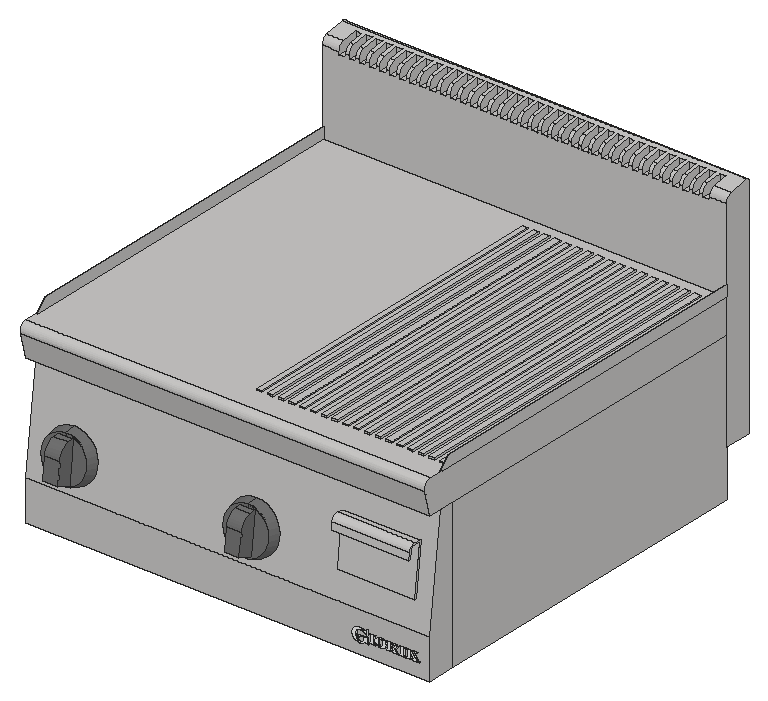
Revit family "QF_GIORIK_LGE6921", category Specialty Equipment, Revit 2014
Parameters (values of type "LGE6921")
  Weight in Pounds = 132.2772
  Watts = 7200 W
  Volts = 230 V
  URL Cutsheet = "www.giorik.com"
  URL = "www.giorik.com"
  Status [instance] = ""
  Specification by User [instance] = ""
  Specification by Manufacturer = ""
  Show Logo [instance] = yes
  Show Clearance [instance] = yes
  Serial Number = ""
  Seismic Rating = ""
  SMACNA No = ""
  Revision Code [instance] = ""
  Phase = 1
  Number of Poles [instance] = 1
  NAFEM Spec ID Number = ""
  Model = "LGE6921"
  Min Ckt Ampacity = 0 A
  Max Overcurrent Protection = 0 A
  Masterspec = ""
  Manufacturer = "GIORIK"
  Item Number [instance] = ""
  Installed By [instance] = ""
  Identify Quantity as Lot [instance] = no
  HP = "9.655344000000"
  Furnished By [instance] = ""
  Foodservice Equipment Identifier [instance] = yes
  FL Amps = 0 A
  Electrical Remarks [instance] = ""
  Electric Connection Type [instance] = ""
  Elec Conn RI Height [instance] = 0 mm
  Elec Conn Connection Height [instance] = 45 mm
  Description = "GRIDDLE SMOOTH RIBBED"
  Cycle = 50 Hz
  Conn Plug = ""
  CSI MasterFormat = ""
  Assembly Code = "E1090320"
  Apparent Power = 7200 VA
Reference planes
  plane 1 "Back": y = 0
  plane 2: z = 0
  plane 3 "Left": x = 0
  plane 4 "Right": x = 600
  plane 5 "Front": y = -600
  plane 6 "Top": z = 430
Forms (mm)
  Extrusion 1, solid
    sketch origin (0, 1000, -580) x (0, 1, 0) y (0, 0, 1)
      loop
        line (-1040.007, 869.975) -> (-1589.445, 869.975)
        arc (-1589.445, 869.975) -> (-1598.171, 865.672) -> (-1600.069, 856.13) r 10.999
        line (-1600.069, 856.13) -> (-1590.388, 820) -> (-1040.007, 820) -> (-1040.007, 869.975)
    from 0 to 600
  Extrusion 2, solid
    sketch origin (0, 0, -560) x (0, 1, 0) y (0, 0, 1)
      loop
        line (-570.06, 849.975) -> (-40.007, 849.975) -> (-40.007, 865.387) -> (-554.648, 865.387) -> (-570.06, 849.975)
    from 0 to 1.85
  Extrusion 3, solid
    sketch origin (0, 0, -560) x (0, 1, 0) y (0, 0, 1)
      loop
        line (-40.007, 800) -> (-550, 800) -> (-550, 580) -> (-40.007, 580) -> (-40.007, 800)
    from 0 to 600
  Extrusion 4, solid
    sketch origin (0, 0, -560) x (0, 1, 0) y (0, 0, 1)
      loop
        line (-550, 800) -> (-570.5, 800) -> (-590, 640) -> (-590, 580) -> (-550, 580) -> (-550, 800)
    from 0 to 600
  Revolve 5, solid
    sketch origin (75.155, 0.456, -560.03) x (0, 1, 0) y (0, 0, 1)
      loop
        line (-598.03, 706.389) -> (-594.27, 737.013) -> (-609.648, 734.852) -> (-613.772, 701.269) -> (-581.482, 697.305) -> (-580.629, 704.252) -> (-598.03, 706.389)
      axis (-581.482, 697.305) -> (-613.772, 701.269)
    angle from 0 to 360
  Extrusion 6, solid
    sketch origin (598.094, 0, -560) x (0, 1, 0) y (0, 0, 1)
      loop
        line (-570.06, 849.975) -> (-40.007, 849.975) -> (-40.007, 865.387) -> (-554.648, 865.387) -> (-570.06, 849.975)
    from -0.15 to 1.906
  Extrusion 7, solid
    sketch origin (0, 0, -560) x (0, 1, 0) y (0, 0, 1)
      loop
        line (-40.007, 974.217) -> (-40.007, 650.827) -> (0, 650.827) -> (0, 988.42)
        arc (0, 988.42) -> (-0.57, 989.648) -> (-1.878, 990) r 1.6
        line (-1.878, 990) -> (-31.072, 984.852)
        arc (-31.072, 984.852) -> (-37.477, 981.162) -> (-40.007, 974.217) r 10.797
    from 0 to 600
  Extrusion 8, solid
    sketch origin (-87.831, 0.456, -560.03) x (0, 1, 0) y (0, 0, 1)
      loop
        line (-635.843, 711.553) -> (-639.647, 680.575) -> (-617.415, 671.593) -> (-610.135, 730.882) -> (-617.934, 729.786)
        arc (-617.934, 729.786) -> (-629.982, 723.708) -> (-635.843, 711.553) r 20.998
    from 151.831 to 173.831
  Revolve 9, solid
    sketch origin (345.155, 0.456, -560.03) x (0, 1, 0) y (0, 0, 1)
      loop
        line (-598.03, 706.389) -> (-594.27, 737.013) -> (-609.648, 734.852) -> (-613.772, 701.269) -> (-581.482, 697.305) -> (-580.629, 704.252) -> (-598.03, 706.389)
      axis (-581.482, 697.305) -> (-613.772, 701.269)
    angle from 0 to 360
  Extrusion 10, solid
    sketch origin (182.169, 0.456, -560.03) x (0, 1, 0) y (0, 0, 1)
      loop
        line (-635.843, 711.553) -> (-639.647, 680.575) -> (-617.415, 671.593) -> (-610.135, 730.882) -> (-617.934, 729.786)
        arc (-617.934, 729.786) -> (-629.982, 723.708) -> (-635.843, 711.553) r 20.998
    from 151.831 to 173.831
  Extrusion 11, solid
    sketch origin (568.319, 0, -561) x (1, 0, 0) y (0, 0, 1)
      loop
        circle (-38.319, 606) r 12.5
    from 20.007 to 40.007
  Extrusion 12, solid, visible <- "Show Logo"
    sketch origin (391.604, -590.5, -6.113) x (-1, 0, 0) y (0, 0, 1)
      loop
        line (-118.824, 58.358) -> (-127.804, 58.358) -> (-125.523, 56.445) -> (-125.523, 48.027) -> (-127.804, 46.113) -> (-118.824, 46.113) -> (-121.105, 48.027) -> (-121.105, 56.445) -> (-118.824, 58.358)
      loop
        line (-163.721, 58.358) -> (-172.7, 58.358) -> (-170.42, 56.445) -> (-170.42, 48.027) -> (-172.7, 46.113) -> (-163.721, 46.113) -> (-166.001, 48.027) -> (-166.001, 56.445) -> (-163.721, 58.358)
      loop
        line (-174.332, 58.358) -> (-183.312, 58.358) -> (-181.031, 56.445) -> (-181.031, 52.435) -> (-186.419, 56.955) -> (-184.416, 58.358) -> (-191.268, 58.358) -> (-188.01, 56.839) -> (-185.455, 54.283) -> (-190.846, 47.858) -> (-193.396, 46.93) -> (-193.396, 46.113) -> (-184.416, 46.113) -> (-185.437, 47.571) -> (-182.443, 51.552) -> (-181.031, 50.894) -> (-181.031, 48.027) -> (-183.312, 46.113) -> (-174.332, 46.113) -> (-176.613, 48.027) -> (-176.613, 56.445) -> (-174.332, 58.358)
      loop
        line (-115.429, 62.063) -> (-115.429, 54.198)
        arc (-115.429, 54.198) -> (-111.618, 57.803) -> (-106.847, 59.986) r 16.039
        arc (-106.847, 59.986) -> (-103.314, 59.837) -> (-100.512, 57.68) r 5.851
        arc (-100.512, 57.68) -> (-98.815, 52.267) -> (-100.512, 46.853) r 9.479
        arc (-100.512, 46.853) -> (-102.406, 44.986) -> (-104.846, 43.93) r 7.236
        arc (-104.846, 43.93) -> (-107.728, 44.111) -> (-110.052, 45.825) r 5.11
        line (-110.052, 45.825) -> (-110.052, 52.001) -> (-116.141, 52.001) -> (-116.141, 45.503) -> (-117.893, 43.751) -> (-114.094, 44.769)
        arc (-114.094, 44.769) -> (-112.56, 44.947) -> (-111.129, 44.366) r 3.115
        arc (-111.129, 44.366) -> (-104.216, 42.091) -> (-97.303, 44.366) r 11.641
        arc (-97.303, 44.366) -> (-93.396, 52.107) -> (-97.303, 59.849) r 9.622
        arc (-97.303, 59.849) -> (-104.369, 62.174) -> (-111.435, 59.849) r 11.898
        line (-111.435, 59.849) -> (-115.429, 62.063)
      loop
        arc (-129.234, 56.068) -> (-135.893, 58.628) -> (-142.552, 56.068) r 9.941
        arc (-142.552, 56.068) -> (-144.234, 52.286) -> (-142.552, 48.505) r 5.093
        arc (-142.552, 48.505) -> (-135.893, 45.945) -> (-129.234, 48.505) r 9.941
        arc (-129.234, 48.505) -> (-127.552, 52.286) -> (-129.234, 56.068) r 5.093
      loop
        arc (-132.628, 54.403) -> (-135.893, 57.668) -> (-139.158, 54.403) r 3.265
        line (-139.158, 54.403) -> (-139.158, 50.169)
        arc (-139.158, 50.169) -> (-135.893, 46.904) -> (-132.628, 50.169) r 3.265
        line (-132.628, 50.169) -> (-132.628, 54.403)
      loop
        arc (-156.363, 58.365) -> (-159.647, 55.081) -> (-156.363, 51.796) r 3.285
        line (-156.363, 51.796) -> (-159.529, 47.306) -> (-162.087, 46.113) -> (-155.847, 46.113) -> (-153.529, 51.083) -> (-150.637, 51.083) -> (-150.637, 47.784) -> (-153.022, 46.113) -> (-144.011, 46.113) -> (-146.094, 47.68) -> (-146.094, 56.493) -> (-144.229, 58.365) -> (-156.363, 58.365)
      loop
        line (-150.637, 57.512) -> (-153.637, 57.512)
        arc (-153.637, 57.512) -> (-156.237, 54.912) -> (-153.637, 52.312) r 2.6
        line (-153.637, 52.312) -> (-150.637, 52.312) -> (-150.637, 57.512)
      loop
        line (-108.924, 52.001) -> (-104.936, 49.005) -> (-100.948, 52.001) -> (-108.924, 52.001)
    from 1.5 to -0.5
  Extrusion 13, void
    sketch origin (10, 0, 430) x (0, 1, 0) y (-1, 0, 0)
      loop
        line (-40.007, -25) -> (-9.931, -25) -> (-9.931, -15) -> (-40.007, -15) -> (-40.007, -25)
      loop
        line (-40.007, -40) -> (-9.931, -40) -> (-9.931, -30) -> (-40.007, -30) -> (-40.007, -40)
      loop
        line (-40.007, -55) -> (-9.931, -55) -> (-9.931, -45) -> (-40.007, -45) -> (-40.007, -55)
      loop
        line (-40.007, -70) -> (-9.931, -70) -> (-9.931, -60) -> (-40.007, -60) -> (-40.007, -70)
      loop
        line (-40.007, -85) -> (-9.931, -85) -> (-9.931, -75) -> (-40.007, -75) -> (-40.007, -85)
      loop
        line (-40.007, -100) -> (-9.931, -100) -> (-9.931, -90) -> (-40.007, -90) -> (-40.007, -100)
      loop
        line (-40.007, -115) -> (-9.931, -115) -> (-9.931, -105) -> (-40.007, -105) -> (-40.007, -115)
      loop
        line (-40.007, -130) -> (-9.931, -130) -> (-9.931, -120) -> (-40.007, -120) -> (-40.007, -130)
      loop
        line (-40.007, -145) -> (-9.931, -145) -> (-9.931, -135) -> (-40.007, -135) -> (-40.007, -145)
      loop
        line (-40.007, -160) -> (-9.931, -160) -> (-9.931, -150) -> (-40.007, -150) -> (-40.007, -160)
      loop
        line (-40.007, -175) -> (-9.931, -175) -> (-9.931, -165) -> (-40.007, -165) -> (-40.007, -175)
      loop
        line (-40.007, -190) -> (-9.931, -190) -> (-9.931, -180) -> (-40.007, -180) -> (-40.007, -190)
      loop
        line (-40.007, -205) -> (-9.931, -205) -> (-9.931, -195) -> (-40.007, -195) -> (-40.007, -205)
      loop
        line (-40.007, -220) -> (-9.931, -220) -> (-9.931, -210) -> (-40.007, -210) -> (-40.007, -220)
      loop
        line (-40.007, -235) -> (-9.931, -235) -> (-9.931, -225) -> (-40.007, -225) -> (-40.007, -235)
      loop
        line (-40.007, -250) -> (-9.931, -250) -> (-9.931, -240) -> (-40.007, -240) -> (-40.007, -250)
      loop
        line (-40.007, -265) -> (-9.931, -265) -> (-9.931, -255) -> (-40.007, -255) -> (-40.007, -265)
      loop
        line (-40.007, -280) -> (-9.931, -280) -> (-9.931, -270) -> (-40.007, -270) -> (-40.007, -280)
      loop
        line (-40.007, -295) -> (-9.931, -295) -> (-9.931, -285) -> (-40.007, -285) -> (-40.007, -295)
      loop
        line (-40.007, -310) -> (-9.931, -310) -> (-9.931, -300) -> (-40.007, -300) -> (-40.007, -310)
      loop
        line (-40.007, -325) -> (-9.931, -325) -> (-9.931, -315) -> (-40.007, -315) -> (-40.007, -325)
      loop
        line (-40.007, -340) -> (-9.931, -340) -> (-9.931, -330) -> (-40.007, -330) -> (-40.007, -340)
      loop
        line (-40.007, -355) -> (-9.931, -355) -> (-9.931, -345) -> (-40.007, -345) -> (-40.007, -355)
      loop
        line (-40.007, -370) -> (-9.931, -370) -> (-9.931, -360) -> (-40.007, -360) -> (-40.007, -370)
      loop
        line (-40.007, -385) -> (-9.931, -385) -> (-9.931, -375) -> (-40.007, -375) -> (-40.007, -385)
      loop
        line (-40.007, -400) -> (-9.931, -400) -> (-9.931, -390) -> (-40.007, -390) -> (-40.007, -400)
      loop
        line (-40.007, -415) -> (-9.931, -415) -> (-9.931, -405) -> (-40.007, -405) -> (-40.007, -415)
      loop
        line (-40.007, -430) -> (-9.931, -430) -> (-9.931, -420) -> (-40.007, -420) -> (-40.007, -430)
      loop
        line (-40.007, -445) -> (-9.931, -445) -> (-9.931, -435) -> (-40.007, -435) -> (-40.007, -445)
      loop
        line (-40.007, -460) -> (-9.931, -460) -> (-9.931, -450) -> (-40.007, -450) -> (-40.007, -460)
      loop
        line (-40.007, -475) -> (-9.931, -475) -> (-9.931, -465) -> (-40.007, -465) -> (-40.007, -475)
      loop
        line (-40.007, -490) -> (-9.931, -490) -> (-9.931, -480) -> (-40.007, -480) -> (-40.007, -490)
      loop
        line (-40.007, -505) -> (-9.931, -505) -> (-9.931, -495) -> (-40.007, -495) -> (-40.007, -505)
      loop
        line (-40.007, -520) -> (-9.931, -520) -> (-9.931, -510) -> (-40.007, -510) -> (-40.007, -520)
      loop
        line (-40.007, -535) -> (-9.931, -535) -> (-9.931, -525) -> (-40.007, -525) -> (-40.007, -535)
      loop
        line (-40.007, -550) -> (-9.931, -550) -> (-9.931, -540) -> (-40.007, -540) -> (-40.007, -550)
      loop
        line (-40.007, -565) -> (-9.931, -565) -> (-9.931, -555) -> (-40.007, -555) -> (-40.007, -565)
    from 0 to -20
  Extrusion 14, solid
    sketch origin (566.603, 15.293, -30) x (0, 1, 0) y (-1, 0, 0)
      loop
        circle (-79.293, 516.603) r 5
    from 41.965 to 50
  Revolve 15, solid
    sketch origin (50, 19.943, -600) x (0, 1, 0) y (0, 0, 1)
      loop
        line (-83.943, 611.965) -> (-94.752, 611.965) -> (-97.943, 600) -> (-83.943, 600) -> (-83.943, 611.965)
      axis (-83.943, 611.965) -> (-83.943, 600)
    angle from 0 to 360
  Extrusion 16, solid
    sketch origin (33.397, 15.293, -30) x (0, 1, 0) y (-1, 0, 0)
      loop
        circle (-79.293, -516.603) r 5
    from 41.965 to 50
  Revolve 17, solid
    sketch origin (550, 19.943, -600) x (0, 1, 0) y (0, 0, -1)
      loop
        line (-83.943, -611.965) -> (-83.943, -600) -> (-97.943, -600) -> (-94.752, -611.965) -> (-83.943, -611.965)
      axis (-83.943, -611.965) -> (-83.943, -600)
    angle from 0 to 360
  Extrusion 18, solid
    sketch origin (566.603, -459.707, -30) x (0, 1, 0) y (-1, 0, 0)
      loop
        circle (-79.293, 516.603) r 5
    from 41.965 to 50
  Revolve 19, solid
    sketch origin (50, -455.057, -600) x (0, 1, 0) y (0, 0, 1)
      loop
        line (-83.943, 611.965) -> (-94.752, 611.965) -> (-97.943, 600) -> (-83.943, 600) -> (-83.943, 611.965)
      axis (-83.943, 611.965) -> (-83.943, 600)
    angle from 0 to 360
  Extrusion 20, solid
    sketch origin (33.397, -459.707, -30) x (0, 1, 0) y (-1, 0, 0)
      loop
        circle (-79.293, -516.603) r 5
    from 41.965 to 50
  Revolve 21, solid
    sketch origin (550, -455.057, -600) x (0, 1, 0) y (0, 0, -1)
      loop
        line (-83.943, -611.965) -> (-83.943, -600) -> (-97.943, -600) -> (-94.752, -611.965) -> (-83.943, -611.965)
      axis (-83.943, -611.965) -> (-83.943, -600)
    angle from 0 to 360
  Extrusion 22, solid
    sketch origin (322.5, -693.34, -437.283) x (0, 0.992655, -0.12098) y (0, 0.12098, 0.992655)
      loop
        line (40, 640.1) -> (30, 640.1)
        arc (30, 640.1) -> (22.929, 637.171) -> (20, 630.1) r 10
        line (20, 630.1) -> (20, 620.1) -> (22, 620.1) -> (22, 630.1)
        arc (22, 630.1) -> (24.343, 635.757) -> (30, 638.1) r 8
        line (30, 638.1) -> (38, 638.1) -> (38, 565.1) -> (40, 565.1) -> (40, 640.1)
    from 137.5 to 252.5
  Extrusion 23, solid
    sketch origin (40, 75.91, -573.525) x (1, 0, 0) y (0, 1, 0)
      loop
        line (272.5, -135) -> (272.5, -628.345) -> (280.5, -628.345) -> (280.5, -135) -> (272.5, -135)
      loop
        line (288.5, -135) -> (288.5, -628.345) -> (296.5, -628.345) -> (296.5, -135) -> (288.5, -135)
      loop
        line (304.5, -135) -> (304.5, -628.345) -> (312.5, -628.345) -> (312.5, -135) -> (304.5, -135)
      loop
        line (320.5, -135) -> (320.5, -628.345) -> (328.5, -628.345) -> (328.5, -135) -> (320.5, -135)
      loop
        line (336.5, -135) -> (336.5, -628.345) -> (344.5, -628.345) -> (344.5, -135) -> (336.5, -135)
      loop
        line (352.5, -135) -> (352.5, -628.345) -> (360.5, -628.345) -> (360.5, -135) -> (352.5, -135)
      loop
        line (368.5, -135) -> (368.5, -628.345) -> (376.5, -628.345) -> (376.5, -135) -> (368.5, -135)
      loop
        line (384.5, -135) -> (384.5, -628.345) -> (392.5, -628.345) -> (392.5, -135) -> (384.5, -135)
      loop
        line (400.5, -135) -> (400.5, -628.345) -> (408.5, -628.345) -> (408.5, -135) -> (400.5, -135)
      loop
        line (416.5, -135) -> (416.5, -628.345) -> (424.5, -628.345) -> (424.5, -135) -> (416.5, -135)
      loop
        line (432.5, -135) -> (432.5, -628.345) -> (440.5, -628.345) -> (440.5, -135) -> (432.5, -135)
      loop
        line (448.5, -135) -> (448.5, -628.345) -> (456.5, -628.345) -> (456.5, -135) -> (448.5, -135)
      loop
        line (464.5, -135) -> (464.5, -628.345) -> (472.5, -628.345) -> (472.5, -135) -> (464.5, -135)
      loop
        line (480.5, -135) -> (480.5, -628.345) -> (488.5, -628.345) -> (488.5, -135) -> (480.5, -135)
      loop
        line (496.5, -135) -> (496.5, -628.345) -> (504.5, -628.345) -> (504.5, -135) -> (496.5, -135)
      loop
        line (512.5, -135) -> (512.5, -628.345) -> (520.5, -628.345) -> (520.5, -135) -> (512.5, -135)
      loop
        line (528.5, -135) -> (528.5, -628.345) -> (536.5, -628.345) -> (536.5, -135) -> (528.5, -135)
      loop
        line (544.5, -135) -> (544.5, -628.345) -> (552.5, -628.345) -> (552.5, -135) -> (544.5, -135)
    from 863.5 to 865.5
Cuts and joins
  Extrusion 13 cuts Extrusion 7
Lines and regions (mm)
  symbolic lines, style "200-EquipBorder-2D"
    curve 1: line (600, 0, 0) -> (0, 0, 0)
    curve 2: line (0, 0, 0) -> (0, -600, 0)
    curve 119: line (600, -600, 430) -> (600, 0, 430)
    curve 120: line (0, -600, 430) -> (600, -600, 430)
    curve 121: spline (64, -617.202, 990) -> (60.789, -617.041, 990) -> (57.73, -616.841, 990) -> (54.856, -616.604, 990) -> (52.196, -616.332, 990) -> (49.779, -616.028, 990) -> (47.63, -615.696, 990) -> (45.772, -615.338, 990) -> (44.225, -614.96, 990) -> (43.004, -614.563, 990) -> (42.122, -614.154, 990) -> (41.59, -613.736, 990) -> (41.412, -613.313, 990)
    curve 122: spline (109.073, -613.408, 990) -> (108.819, -613.826, 990) -> (108.218, -614.239, 990) -> (107.275, -614.643, 990) -> (106.001, -615.033, 990) -> (104.408, -615.405, 990) -> (102.513, -615.755, 990) -> (100.336, -616.08, 990) -> (97.898, -616.376, 990) -> (95.227, -616.641, 990) -> (92.348, -616.871, 990) -> (89.293, -617.065, 990) -> (86.091, -617.219, 990)
    curve 123: line (41.412, -613.313, 990) -> (37.735, -600, 990)
    curve 124: line (109.073, -613.408, 990) -> (112.578, -600, 990)
    curve 125: line (64, -639.19, 430) -> (64, -609.679, 430)
    curve 126: line (64, -639.19, 430) -> (86, -639.19, 430)
    curve 127: line (86, -639.19, 430) -> (86, -609.679, 430)
    curve 128: spline (41.412, -613.313, 430) -> (42.564, -612.264, 430) -> (45.941, -611.286, 430) -> (51.314, -610.446, 430) -> (58.316, -609.802, 430) -> (66.47, -609.396, 430) -> (75.22, -609.258, 430) -> (83.97, -609.396, 430) -> (92.124, -609.802, 430) -> (99.126, -610.446, 430) -> (104.499, -611.286, 430) -> (107.877, -612.264, 430) -> (109.029, -613.313, 430)
    curve 129: line (64, -609.679, 430) -> (86, -609.679, 430)
    curve 130: spline (334, -617.202, 990) -> (330.789, -617.041, 990) -> (327.73, -616.841, 990) -> (324.856, -616.604, 990) -> (322.196, -616.332, 990) -> (319.779, -616.028, 990) -> (317.63, -615.696, 990) -> (315.772, -615.338, 990) -> (314.225, -614.96, 990) -> (313.004, -614.563, 990) -> (312.122, -614.154, 990) -> (311.59, -613.736, 990) -> (311.412, -613.313, 990)
    curve 131: spline (379.073, -613.408, 990) -> (378.819, -613.826, 990) -> (378.218, -614.239, 990) -> (377.275, -614.643, 990) -> (376.001, -615.033, 990) -> (374.408, -615.405, 990) -> (372.513, -615.755, 990) -> (370.336, -616.08, 990) -> (367.898, -616.376, 990) -> (365.227, -616.641, 990) -> (362.348, -616.871, 990) -> (359.293, -617.065, 990) -> (356.091, -617.219, 990)
    curve 132: line (311.412, -613.313, 990) -> (307.735, -600, 990)
    curve 133: line (379.073, -613.408, 990) -> (382.578, -600, 990)
    curve 134: line (334, -639.19, 430) -> (334, -609.679, 430)
    curve 135: line (334, -639.19, 430) -> (356, -639.19, 430)
    curve 136: line (356, -639.19, 430) -> (356, -609.679, 430)
    curve 137: spline (311.412, -613.313, 430) -> (312.564, -612.264, 430) -> (315.941, -611.286, 430) -> (321.314, -610.446, 430) -> (328.316, -609.802, 430) -> (336.47, -609.396, 430) -> (345.22, -609.258, 430) -> (353.97, -609.396, 430) -> (362.124, -609.802, 430) -> (369.126, -610.446, 430) -> (374.499, -611.286, 430) -> (377.877, -612.264, 430) -> (379.029, -613.313, 430)
    curve 138: line (334, -609.679, 430) -> (356, -609.679, 430)
  symbolic lines, style "200-EquipInternal-2D"
    curve 3: line (600, -40.007, 430) -> (0, -40.007, 430)
    curve 4: line (597.944, -570.06, 430) -> (600, -570.06, 430)
    curve 5: line (597.944, -40.007, 430) -> (597.944, -570.06, 430)
    curve 6: line (0, -570.06, 430) -> (1.85, -570.06, 430)
    curve 7: line (1.85, -570.06, 430) -> (1.85, -40.007, 430)
    curve 8: line (25, -9.931, 290) -> (25, -40.007, 290)
    curve 9: line (35, -40.007, 290) -> (35, -9.931, 290)
    curve 10: line (40, -9.931, 290) -> (40, -40.007, 290)
    curve 11: line (50, -40.007, 290) -> (50, -9.931, 290)
    curve 12: line (55, -9.931, 290) -> (55, -40.007, 290)
    curve 13: line (65, -40.007, 290) -> (65, -9.931, 290)
    curve 14: line (85, -9.931, 290) -> (85, -40.007, 290)
    curve 15: line (95, -40.007, 290) -> (95, -9.931, 290)
    curve 16: line (100, -9.931, 290) -> (100, -40.007, 290)
    curve 17: line (110, -40.007, 290) -> (110, -9.931, 290)
    curve 18: line (140, -40.007, 290) -> (140, -9.931, 290)
    curve 19: line (130, -9.931, 290) -> (130, -40.007, 290)
    curve 20: line (155, -40.007, 290) -> (155, -9.931, 290)
    curve 21: line (160, -9.931, 290) -> (160, -40.007, 290)
    curve 22: line (170, -40.007, 290) -> (170, -9.931, 290)
    curve 23: line (145, -9.931, 290) -> (145, -40.007, 290)
    curve 24: line (200, -40.007, 290) -> (200, -9.931, 290)
    curve 25: line (190, -9.931, 290) -> (190, -40.007, 290)
    curve 26: line (205, -9.931, 290) -> (205, -40.007, 290)
    curve 27: line (215, -40.007, 290) -> (215, -9.931, 290)
    curve 28: line (220, -9.931, 290) -> (220, -40.007, 290)
    curve 29: line (230, -40.007, 290) -> (230, -9.931, 290)
    curve 30: line (250, -9.931, 290) -> (250, -40.007, 290)
    curve 31: line (260, -40.007, 290) -> (260, -9.931, 290)
    curve 32: line (265, -9.931, 290) -> (265, -40.007, 290)
    curve 33: line (275, -40.007, 290) -> (275, -9.931, 290)
    curve 34: line (280, -9.931, 290) -> (280, -40.007, 290)
    curve 35: line (290, -40.007, 290) -> (290, -9.931, 290)
    curve 36: line (320, -40.007, 290) -> (320, -9.931, 290)
    curve 37: line (310, -9.931, 290) -> (310, -40.007, 290)
    curve 38: line (335, -40.007, 290) -> (335, -9.931, 290)
    curve 39: line (325, -9.931, 290) -> (325, -40.007, 290)
    curve 40: line (340, -9.931, 290) -> (340, -40.007, 290)
    curve 41: line (350, -40.007, 290) -> (350, -9.931, 290)
    curve 42: line (370, -9.931, 290) -> (370, -40.007, 290)
    curve 43: line (380, -40.007, 290) -> (380, -9.931, 290)
    curve 44: line (385, -9.931, 290) -> (385, -40.007, 290)
    curve 45: line (395, -9.931, 290) -> (385, -9.931, 290)
    curve 46: line (380, -9.931, 290) -> (370, -9.931, 290)
    curve 47: line (350, -9.931, 290) -> (340, -9.931, 290)
    curve 48: line (335, -9.931, 290) -> (325, -9.931, 290)
    curve 49: line (320, -9.931, 290) -> (310, -9.931, 290)
    curve 50: line (275, -9.931, 290) -> (265, -9.931, 290)
    curve 51: line (110, -9.931, 290) -> (100, -9.931, 290)
    curve 52: line (95, -9.931, 290) -> (85, -9.931, 290)
    curve 53: line (65, -9.931, 290) -> (55, -9.931, 290)
    curve 54: line (35, -9.931, 290) -> (25, -9.931, 290)
    curve 55: line (140, -9.931, 290) -> (130, -9.931, 290)
    curve 56: line (155, -9.931, 290) -> (145, -9.931, 290)
    curve 57: line (170, -9.931, 290) -> (160, -9.931, 290)
    curve 58: line (200, -9.931, 290) -> (190, -9.931, 290)
    curve 59: line (215, -9.931, 290) -> (205, -9.931, 290)
    curve 60: line (230, -9.931, 290) -> (220, -9.931, 290)
    curve 61: line (260, -9.931, 290) -> (250, -9.931, 290)
    curve 62: line (50, -9.931, 290) -> (40, -9.931, 290)
    curve 63: line (70, -9.931, 430) -> (70, -40.007, 430)
    curve 64: line (80, -40.007, 430) -> (80, -9.931, 430)
    curve 65: line (80, -9.931, 430) -> (70, -9.931, 430)
    curve 66: line (115, -9.931, 430) -> (115, -40.007, 430)
    curve 67: line (125, -40.007, 430) -> (125, -9.931, 430)
    curve 68: line (125, -9.931, 430) -> (115, -9.931, 430)
    curve 69: line (175, -9.931, 430) -> (175, -40.007, 430)
    curve 70: line (185, -40.007, 430) -> (185, -9.931, 430)
    curve 71: line (185, -9.931, 430) -> (175, -9.931, 430)
    curve 72: line (235, -9.931, 430) -> (235, -40.007, 430)
    curve 73: line (245, -40.007, 430) -> (245, -9.931, 430)
    curve 74: line (245, -9.931, 430) -> (235, -9.931, 430)
    curve 75: line (290, -9.931, 430) -> (280, -9.931, 430)
    curve 76: line (305, -9.931, 430) -> (295, -9.931, 430)
    curve 77: line (295, -9.931, 430) -> (295, -40.007, 430)
    curve 78: line (305, -40.007, 430) -> (305, -9.931, 430)
    curve 79: line (355, -9.931, 430) -> (355, -40.007, 430)
    curve 80: line (365, -40.007, 430) -> (365, -9.931, 430)
    curve 81: line (365, -9.931, 430) -> (355, -9.931, 430)
    curve 82: line (395, -40.007, 430) -> (395, -9.931, 430)
    curve 83: line (400, -9.931, 430) -> (400, -40.007, 430)
    curve 84: line (410, -40.007, 430) -> (410, -9.931, 430)
    curve 85: line (410, -9.931, 430) -> (400, -9.931, 430)
    curve 86: line (425, -9.931, 430) -> (415, -9.931, 430)
    curve 87: line (415, -9.931, 430) -> (415, -40.007, 430)
    curve 88: line (425, -40.007, 430) -> (425, -9.931, 430)
    curve 89: line (430, -9.931, 430) -> (430, -40.007, 430)
    curve 90: line (440, -40.007, 430) -> (440, -9.931, 430)
    curve 91: line (440, -9.931, 430) -> (430, -9.931, 430)
    curve 92: line (445, -9.931, 430) -> (445, -40.007, 430)
    curve 93: line (455, -40.007, 430) -> (455, -9.931, 430)
    curve 94: line (460, -9.931, 430) -> (460, -40.007, 430)
    curve 95: line (470, -40.007, 430) -> (470, -9.931, 430)
    curve 96: line (475, -9.931, 430) -> (475, -40.007, 430)
    curve 97: line (485, -40.007, 430) -> (485, -9.931, 430)
    curve 98: line (490, -9.931, 430) -> (490, -40.007, 430)
    curve 99: line (500, -40.007, 430) -> (500, -9.931, 430)
    curve 100: line (505, -9.931, 430) -> (505, -40.007, 430)
    curve 101: line (515, -40.007, 430) -> (515, -9.931, 430)
    curve 102: line (520, -9.931, 430) -> (520, -40.007, 430)
    curve 103: line (530, -40.007, 430) -> (530, -9.931, 430)
    curve 104: line (535, -9.931, 430) -> (535, -40.007, 430)
    curve 105: line (545, -40.007, 430) -> (545, -9.931, 430)
    curve 106: line (550, -9.931, 430) -> (550, -40.007, 430)
    curve 107: line (560, -40.007, 430) -> (560, -9.931, 430)
    curve 108: line (565, -9.931, 430) -> (565, -40.007, 430)
    curve 109: line (455, -9.931, 430) -> (445, -9.931, 430)
    curve 110: line (470, -9.931, 430) -> (460, -9.931, 430)
    curve 111: line (485, -9.931, 430) -> (475, -9.931, 430)
    curve 112: line (500, -9.931, 430) -> (490, -9.931, 430)
    curve 113: line (515, -9.931, 430) -> (505, -9.931, 430)
    curve 114: line (530, -9.931, 430) -> (520, -9.931, 430)
    curve 115: line (545, -9.931, 430) -> (535, -9.931, 430)
    curve 116: line (560, -9.931, 430) -> (550, -9.931, 430)
    curve 117: line (575, -9.931, 430) -> (565, -9.931, 430)
    curve 118: line (575, -40.007, 430) -> (575, -9.931, 430)
    curve 139: line (328.5, -59.09, 290) -> (328.5, -552.436, 290)
    curve 140: line (320.5, -552.436, 290) -> (320.5, -59.09, 290)
    curve 141: line (312.5, -59.09, 290) -> (312.5, -552.436, 290)
    curve 142: line (320.5, -59.09, 290) -> (312.5, -59.09, 290)
    curve 143: line (336.5, -59.09, 290) -> (328.5, -59.09, 290)
    curve 144: line (320.5, -552.436, 290) -> (312.5, -552.436, 290)
    curve 145: line (336.5, -552.436, 430) -> (336.5, -59.09, 430)
    curve 146: line (328.5, -552.436, 430) -> (336.5, -552.436, 430)
    curve 147: line (344.5, -59.09, 430) -> (344.5, -552.436, 430)
    curve 148: line (352.5, -552.436, 430) -> (352.5, -59.09, 430)
    curve 149: line (360.5, -59.09, 430) -> (360.5, -552.436, 430)
    curve 150: line (368.5, -552.436, 430) -> (368.5, -59.09, 430)
    curve 151: line (376.5, -59.09, 430) -> (376.5, -552.436, 430)
    curve 152: line (384.5, -552.436, 430) -> (384.5, -59.09, 430)
    curve 153: line (392.5, -59.09, 430) -> (392.5, -552.436, 430)
    curve 154: line (400.5, -552.436, 430) -> (400.5, -59.09, 430)
    curve 155: line (416.5, -552.436, 430) -> (416.5, -59.09, 430)
    curve 156: line (408.5, -59.09, 430) -> (408.5, -552.436, 430)
    curve 157: line (424.5, -59.09, 430) -> (424.5, -552.436, 430)
    curve 158: line (432.5, -552.436, 430) -> (432.5, -59.09, 430)
    curve 159: line (440.5, -59.09, 430) -> (440.5, -552.436, 430)
    curve 160: line (448.5, -552.436, 430) -> (448.5, -59.09, 430)
    curve 161: line (464.5, -552.436, 430) -> (464.5, -59.09, 430)
    curve 162: line (456.5, -59.09, 430) -> (456.5, -552.436, 430)
    curve 163: line (472.5, -59.09, 430) -> (472.5, -552.436, 430)
    curve 164: line (480.5, -552.436, 430) -> (480.5, -59.09, 430)
    curve 165: line (488.5, -59.09, 430) -> (488.5, -552.436, 430)
    curve 166: line (496.5, -552.436, 430) -> (496.5, -59.09, 430)
    curve 167: line (504.5, -59.09, 430) -> (504.5, -552.436, 430)
    curve 168: line (512.5, -552.436, 430) -> (512.5, -59.09, 430)
    curve 169: line (520.5, -59.09, 430) -> (520.5, -552.436, 430)
    curve 170: line (528.5, -552.436, 430) -> (528.5, -59.09, 430)
    curve 171: line (536.5, -59.09, 430) -> (536.5, -552.436, 430)
    curve 172: line (544.5, -552.436, 430) -> (544.5, -59.09, 430)
    curve 173: line (552.5, -59.09, 430) -> (552.5, -552.436, 430)
    curve 174: line (560.5, -552.436, 430) -> (560.5, -59.09, 430)
    curve 175: line (536.5, -552.436, 430) -> (544.5, -552.436, 430)
    curve 176: line (520.5, -552.436, 430) -> (528.5, -552.436, 430)
    curve 177: line (504.5, -552.436, 430) -> (512.5, -552.436, 430)
    curve 178: line (488.5, -552.436, 430) -> (496.5, -552.436, 430)
    curve 179: line (472.5, -552.436, 430) -> (480.5, -552.436, 430)
    curve 180: line (456.5, -552.436, 430) -> (464.5, -552.436, 430)
    curve 181: line (440.5, -552.436, 430) -> (448.5, -552.436, 430)
    curve 182: line (424.5, -552.436, 430) -> (432.5, -552.436, 430)
    curve 183: line (408.5, -552.436, 430) -> (416.5, -552.436, 430)
    curve 184: line (392.5, -552.436, 430) -> (400.5, -552.436, 430)
    curve 185: line (376.5, -552.436, 430) -> (384.5, -552.436, 430)
    curve 186: line (360.5, -552.436, 430) -> (368.5, -552.436, 430)
    curve 187: line (344.5, -552.436, 430) -> (352.5, -552.436, 430)
    curve 188: line (552.5, -552.436, 430) -> (560.5, -552.436, 430)
    curve 189: line (584.5, -552.436, 430) -> (592.5, -552.436, 430)
    curve 190: line (592.5, -552.436, 430) -> (592.5, -59.09, 430)
    curve 191: line (584.5, -59.09, 430) -> (584.5, -552.436, 430)
    curve 192: line (576.5, -552.436, 430) -> (576.5, -59.09, 430)
    curve 193: line (568.5, -59.09, 430) -> (568.5, -552.436, 430)
    curve 194: line (568.5, -552.436, 430) -> (576.5, -552.436, 430)
    curve 195: line (592.5, -59.09, 430) -> (584.5, -59.09, 430)
    curve 196: line (576.5, -59.09, 430) -> (568.5, -59.09, 430)
    curve 197: line (560.5, -59.09, 430) -> (552.5, -59.09, 430)
    curve 198: line (544.5, -59.09, 430) -> (536.5, -59.09, 430)
    curve 199: line (528.5, -59.09, 430) -> (520.5, -59.09, 430)
    curve 200: line (512.5, -59.09, 430) -> (504.5, -59.09, 430)
    curve 201: line (496.5, -59.09, 430) -> (488.5, -59.09, 430)
    curve 202: line (480.5, -59.09, 430) -> (472.5, -59.09, 430)
    curve 203: line (464.5, -59.09, 430) -> (456.5, -59.09, 430)
    curve 204: line (448.5, -59.09, 430) -> (440.5, -59.09, 430)
    curve 205: line (432.5, -59.09, 430) -> (424.5, -59.09, 430)
    curve 206: line (416.5, -59.09, 430) -> (408.5, -59.09, 430)
    curve 207: line (400.5, -59.09, 430) -> (392.5, -59.09, 430)
    curve 208: line (384.5, -59.09, 430) -> (376.5, -59.09, 430)
    curve 209: line (368.5, -59.09, 430) -> (360.5, -59.09, 430)
    curve 210: line (352.5, -59.09, 430) -> (344.5, -59.09, 430)
Dimensions and locks
  plane 3 "Left" to plane 4 "Right" = 600 mm
  plane 5 "Front" to plane 1 "Back" = 600 mm
  plane 4 "Right" to plane 3 "Left" = 600 mm
  plane 1 "Back" to plane 5 "Front" = 600 mm
  plane 6 "Top" to level = 430 mm  (x2)
  aligned and locked: level to plane 2
Connectors
  electrical at (530, -20.007, 45), driven by "Apparent Power", driven by "Volts", driven by "Number of Poles"
    settings: on Extrusion 11, index 1, voltage 230 V, apparent load 0 VA, apparent load phase1 7200 VA, apparent load phase2 0 VA, apparent load phase3 0 VA, power factor 1, load classification "Other", number of poles 1, system type 31, power factor state 1, is connector primary yes, connector utility no, sub classification motor no, connector description "Electrical connection"
